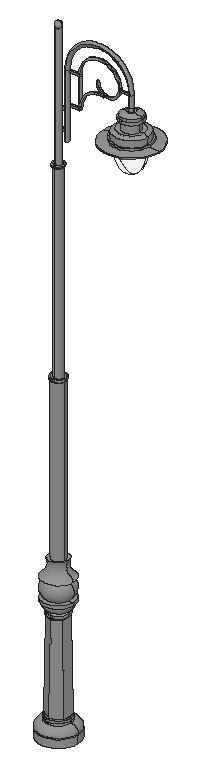
Revit family "svetilnik_alfresco_elegant-1-8_i_1-10", category Lighting Fixtures, Revit 2016 (continued)
Definition of nested family "Элегант"
  Types (2, lengths in mm): name | Photometric Web File | built-in parameter 1150105 | Lumens | built-in parameter 1150106 | built-in parameter 1150142 | Wattage
    Элегант 80Вт | "ДСУ-01-AF Росинка2 80Вт.ies" | 3451.5 (stored number, unit not read) | 9600 lm | 34.515 (stored number, unit not read) | "IESNA:LM-63-1995\r\n[TEST] alf\r\n[MANUFAC] Alfresco\r\n[LUMCAT]  \r\n[LUMINAIRE] ДCУ-01-AF 80w Росинка2\r\n[LAMPCAT]Cree\r\n[LAMP]LED\r\n[MORE]\r\n[OTHER]\r\nTILT=NONE\r\n1 7120 1 37 181 2 2 .525 .525 0\r\n.9 1 80\r\n-90 -85 -80 -75 -70 -65 -60 -55 -50 -45 -40 -35 -30 -25 -20 -15 -10 -5 0 5 10 15 20 25 30 35 40 45 50 55 60 65 70 75 80 85 90\r\n-90 -89 -88 -87 -86 -85 -84 -83 -82 -81 -80 -79 -78 -77 -76 -75 -74 -73 -72 -71 -70 -69 -68 -67 -66 -65 -64 -63 -62 -61 -60 -59 -58 -57 -56 -55 -54 -53 -52 -51 -50 -49 -48 -47 -46 -45 -44 -43 -42 -41 -40 -39 -38 -37 -36 -35 -34 -33 -32 -31 -30 -29 -28 -27\r\n -26 -25 -24 -23 -22 -21 -20 -19 -18 -17 -16 -15 -14 -13 -12 -11 -10 -9 -8 -7 -6 -5 -4 -3 -2 -1 0 1 2 3 4 5 6 7 8 9 10 11 12 13 14 15 16 17 18 19 20 21 22 23 24 25 26 27 28 29 30 31 32 33 34 35 36 37 38 39 40 41 42 43 44 45 46 47 48 49 50 51 52 53 54 55 \r\n56 57 58 59 60 61 62 63 64 65 66 67 68 69 70 71 72 73 74 75 76 77 78 79 80 81 82 83 84 85 86 87 88 89 90\r\n61.425 60.00 58.575 54.96 51.345 51.585 51.84 49.35 46.86 49.185 51.51 50.505 49.485 51.21 52.92 53.91 54.90 56.19 57.465 59.085 60.69 61.575 62.46 62.385 62.295 61.29 60.27 58.245 56.22 54.81 53.40 52.65 51.885 52.02 52.17 54.405 56.64\r\n65.16 67.86 70.545 73.905 77.265 81.825 86.37 88.365 90.345 92.715 95.07 101.295 107.52 110.925 114.33 120.69 127.05 130.74 134.43 134.925 135.405 130.50 125.595 124.98 124.365 119.46 114.555 110.34 106.125 100.155 94.20 89.385 84.57 77.37 70.17 68.04 \r\n65.91\r\n76.815 86.745 96.69 101.535 106.365 114.105 121.845 127.485 133.125 139.50 145.86 156.18 166.485 177.045 187.59 191.55 195.495 194.16 192.84 191.73 190.605 186.645 182.685 179.265 175.83 168.42 160.995 156.015 151.035 142.47 133.89 124.92 115.95 107.775 \r\n99.60 90.54 81.48\r\n100.41 111.285 122.16 132.645 143.115 149.61 156.09 165.735 175.395 184.245 193.095 200.535 207.99 210.51 213.03 212.52 212.01 210.87 209.745 208.23 206.70 202.845 199.005 194.025 189.06 188.16 187.26 185.01 182.775 171.54 160.32 150.945 141.57 130.305 \r\n119.025 107.895 96.765\r\n123.48 133.905 144.33 158.46 172.59 183.03 193.47 203.355 213.225 218.985 224.745 225.72 226.695 225.90 225.09 226.455 227.805 227.97 228.15 227.745 227.34 221.22 215.085 210.75 206.43 202.695 198.96 192.63 186.30 184.02 181.74 170.895 160.05 148.515 \r\n136.98 124.395 111.81\r\n148.59 160.095 171.60 190.125 208.65 215.595 222.555 228.105 233.655 233.94 234.21 234.435 234.66 237.54 240.42 242.40 244.38 240.255 236.13 233.805 231.48 229.50 227.535 222.885 218.235 213.42 208.605 204.84 201.06 193.905 186.75 180.975 175.215 163.53 \r\n151.845 137.88 123.915\r\n164.505 184.095 203.70 214.965 226.23 233.79 241.35 243.45 245.55 246.675 247.815 249.06 250.32 249.81 249.30 247.575 245.85 243.615 241.38 240.72 240.045 240.87 241.71 235.83 229.965 224.25 218.535 213.03 207.525 200.235 192.96 188.76 184.56 173.715 \r\n162.885 147.36 131.835\r\n171.72 190.08 208.44 221.04 233.625 243.21 252.795 258.81 264.84 263.10 261.375 261.525 261.675 261.975 262.275 259.665 257.055 252.60 248.145 248.655 249.165 246.06 242.955 238.56 234.18 229.77 225.36 219.555 213.75 206.145 198.555 189.69 180.84 173.385 \r\n165.93 151.935 137.94\r\n173.625 192.75 211.875 227.025 242.16 255.765 269.37 272.58 275.79 272.94 270.09 269.805 269.505 267.975 266.445 263.685 260.91 257.91 254.91 254.40 253.875 252.495 251.115 246.33 241.545 235.005 228.465 224.25 220.035 209.085 198.135 191.205 184.26 \r\n174.54 164.835 151.26 137.67\r\n172.17 192.375 212.58 227.34 242.10 255.06 268.005 274.29 280.59 281.64 282.705 280.245 277.785 274.635 271.485 271.665 271.845 268.965 266.085 264.585 263.085 259.125 255.18 251.70 248.235 239.745 231.27 223.395 215.52 205.47 195.42 183.915 172.41 \r\n165.705 159.00 143.985 128.955\r\n165.645 187.965 210.285 226.305 242.34 256.035 269.73 280.38 291.03 293.10 295.17 291.825 288.48 283.17 277.86 278.805 279.75 275.73 271.71 268.47 265.245 262.26 259.26 254.745 250.23 241.725 233.22 220.20 207.195 196.395 185.595 175.185 164.775 157.26 \r\n149.745 135.42 121.08\r\n161.16 184.065 206.97 226.44 245.925 260.04 274.155 283.11 292.05 296.13 300.21 296.37 292.53 290.985 289.44 289.08 288.705 286.29 283.875 281.19 278.52 272.55 266.58 259.80 253.035 243.315 233.58 219.21 204.825 192.465 180.12 168.255 156.39 150.42 \r\n144.435 130.35 116.28\r\n151.725 175.74 199.755 220.26 240.78 261.195 281.61 294.81 308.01 305.76 303.51 305.76 307.995 305.22 302.43 304.365 306.285 305.355 304.425 299.175 293.94 285.675 277.395 268.53 259.665 242.205 224.73 214.50 204.255 189.945 175.635 162.495 149.37 141.705\r\n 134.04 121.98 109.92\r\n145.41 171.48 197.535 219.45 241.38 262.65 283.935 300.27 316.605 322.245 327.90 327.795 327.69 327.54 327.405 325.185 322.965 321.03 319.095 315.945 312.795 302.67 292.56 275.475 258.405 240.705 223.005 209.775 196.53 181.14 165.75 154.14 142.53 134.025 \r\n125.52 115.035 104.565\r\n143.88 167.385 190.905 217.065 243.225 265.83 288.42 308.685 328.95 342.285 355.635 358.965 362.295 357.09 351.885 348.345 344.805 342.33 339.84 335.22 330.585 322.305 314.025 294.21 274.41 251.88 229.35 212.46 195.57 181.32 167.085 153.18 139.275 128.715\r\n 118.155 107.925 97.68\r\n135.345 161.79 188.235 219.45 250.68 277.845 304.995 323.265 341.535 360.39 379.245 386.79 394.32 391.065 387.81 377.205 366.60 360.375 354.165 349.095 344.01 336.90 329.79 306.09 282.39 257.40 232.41 212.64 192.885 176.865 160.86 147.90 134.955 122.13 \r\n109.32 99.87 90.435\r\n123.165 153.045 182.94 217.395 251.865 282.99 314.13 338.34 362.565 384.96 407.34 421.65 435.945 428.835 421.74 404.04 386.355 380.235 374.115 366.135 358.17 344.94 331.695 311.505 291.30 267.03 242.745 218.775 194.805 176.295 157.80 142.62 127.425 \r\n115.995 104.565 95.46 86.34\r\n114.795 146.175 177.54 214.365 251.19 288.705 326.235 355.335 384.435 411.03 437.64 452.745 467.865 464.79 461.73 439.365 417.00 405.195 393.375 384.48 375.585 356.10 336.63 315.60 294.57 271.035 247.50 221.61 195.705 175.47 155.25 140.91 126.585 112.35 \r\n98.13 89.16 80.205\r\n107.67 137.97 168.255 211.74 255.225 296.34 337.455 371.805 406.155 435.405 464.67 482.055 499.455 502.05 504.645 506.475 508.29 475.41 442.53 430.425 418.32 386.82 355.305 329.73 304.14 280.545 256.965 227.925 198.90 177.045 155.19 136.68 118.185 104.025\r\n 89.865 81.735 73.605\r\n99.075 131.01 162.945 209.625 256.305 300.57 344.82 383.46 422.085 455.70 489.315 513.45 537.60 552.78 567.96 583.98 600.00 577.425 554.85 569.535 584.205 496.545 408.87 362.595 316.335 288.075 259.815 231.705 203.595 177.345 151.095 134.07 117.06 102.66 \r\n88.245 78.69 69.12\r\n91.65 122.895 154.14 203.805 253.455 302.01 350.55 391.59 432.63 469.425 506.235 541.035 575.85 625.545 675.24 753.015 830.79 819.81 808.845 779.535 750.225 635.445 520.65 433.80 346.965 304.995 263.04 234.015 204.975 178.755 152.52 130.845 109.17 95.04 \r\n80.925 72.00 63.06\r\n84.45 115.605 146.775 198.285 249.81 300.795 351.78 397.98 444.195 482.985 521.79 582.36 642.915 786.57 930.225 1040.64 1151.0551 1135.11 1119.165 1092.63 1066.08 933.615 801.165 607.68 414.18 341.565 268.95 240.99 213.015 180.795 148.575 127.98 107.385 \r\n90.315 73.245 66.00 58.74\r\n77.595 107.805 138.00 191.805 245.595 298.08 350.565 402.72 454.89 495.405 535.92 655.755 775.59 1018.485 1261.38 1356.0601 1450.725 1449.885 1449.045 1414.47 1379.88 1247.4301 1114.995 874.59 634.20 458.43 282.66 246.975 211.275 178.92 146.55 124.185 \r\n101.82 84.645 67.485 61.02 54.555\r\n71.52 100.605 129.705 184.335 238.95 295.11 351.27 404.865 458.46 512.775 567.09 814.815 1062.54 1295.265 1527.975 1643.595 1759.215 1766.9399 1774.65 1733.37 1692.075 1534.08 1376.10 1115.385 854.685 583.515 312.345 260.10 207.855 175.80 143.745 120.72 \r\n97.695 81.90 66.09 58.335 50.595\r\n66.975 94.41 121.845 174.225 226.62 286.455 346.305 402.285 458.265 534.57 610.86 954.72 1298.58 1539.375 1780.1851 1891.26 2002.335 2010.21 2018.085 1968.885 1919.6851 1772.8051 1625.91 1343.34 1060.755 716.835 372.90 288.93 204.975 172.29 139.59 116.445\r\n 93.30 77.37 61.44 53.355 45.255\r\n61.995 87.795 113.58 166.32 219.06 279.315 339.555 396.75 453.945 577.35 700.74 1093.08 1485.405 1726.275 1967.13 2081.5649 2196.00 2194.125 2192.2649 2143.02 2093.7749 1936.38 1779.00 1505.895 1232.775 859.755 486.72 345.03 203.34 170.22 137.115 113.49 \r\n89.85 74.655 59.46 50.76 42.06\r\n57.21 81.45 105.69 157.62 209.55 273.135 336.705 394.125 451.545 636.765 821.985 1210.395 1598.8051 1849.6949 2100.585 2208.4199 2316.2549 2315.25 2314.23 2269.875 2225.5349 2062.26 1899.00 1620.225 1341.45 969.03 596.625 399.45 202.29 170.73 139.185 \r\n114.645 90.09 73.71 57.315 48.495 39.675\r\n53.58 76.29 99.00 148.89 198.78 263.55 328.335 388.215 448.095 689.07 930.045 1303.83 1677.63 1940.505 2203.3799 2304.5701 2405.76 2401.0049 2396.25 2356.665 2317.0649 2157.405 1997.745 1698.96 1400.16 1037.835 675.51 440.355 205.215 171.84 138.465 113.22\r\n 87.975 71.055 54.135 45.78 37.44\r\n50.055 70.935 91.80 139.38 186.945 253.635 320.34 383.25 446.175 716.085 986.01 1356.345 1726.6949 1991.235 2255.7749 2343.7051 2431.6201 2423.25 2414.895 2384.145 2353.395 2204.7749 2056.155 1750.14 1444.11 1077.795 711.48 459.99 208.50 172.035 135.585 \r\n110.955 86.325 69.075 51.825 43.47 35.115\r\n46.59 65.565 84.555 130.335 176.13 243.30 310.485 380.355 450.24 735.045 1019.835 1395.075 1770.30 2027.52 2284.74 2356.9951 2429.2351 2421.6899 2414.145 2380.1851 2346.2251 2217.9451 2089.6499 1782.45 1475.265 1102.8149 730.38 476.565 222.75 178.71 \r\n134.67 108.87 83.055 66.33 49.59 41.115 32.625\r\n43.815 61.215 78.63 122.04 165.45 231.735 298.005 378.465 458.91 742.29 1025.67 1395.705 1765.725 2026.845 2287.98 2346.1499 2404.3201 2387.6699 2371.02 2347.74 2324.46 2205.2849 2086.125 1786.905 1487.70 1112.385 737.055 483.24 229.41 180.915 132.42 \r\n106.53 80.655 63.60 46.56 38.715 30.87\r\n41.28 57.18 73.08 113.985 154.89 220.62 286.335 375.345 464.34 729.075 993.795 1379.8051 1765.80 2011.245 2256.6899 2334.1499 2411.625 2399.2949 2386.9651 2348.8201 2310.6899 2182.9351 2055.165 1762.395 1469.625 1088.4449 707.265 472.26 237.27 183.045 \r\n128.835 104.025 79.20 61.68 44.16 36.855 29.535\r\n39.105 53.73 68.34 107.715 147.075 211.11 275.145 370.59 466.035 718.80 971.55 1346.91 1722.255 1972.74 2223.2251 2329.05 2434.8899 2445.165 2455.4399 2409.105 2362.77 2182.6201 2002.47 1725.63 1448.79 1068.0601 687.315 463.785 240.255 182.595 124.95 \r\n101.49 78.045 60.285 42.525 35.595 28.65\r\n37.20 50.565 63.945 101.565 139.185 200.775 262.365 363.93 465.51 703.71 941.895 1297.3051 1652.70 1926.84 2200.98 2366.0701 2531.175 2545.53 2559.885 2505.1499 2450.415 2248.5601 2046.72 1716.075 1385.4301 1029.03 672.63 458.01 243.405 182.805 122.205 \r\n99.045 75.90 58.455 41.01 34.32 27.63\r\n35.55 47.94 60.33 95.07 129.81 190.29 250.785 353.385 455.985 676.53 897.075 1250.6851 1604.28 1923.90 2243.52 2399.085 2554.6499 2541.8701 2529.075 2494.1851 2459.2949 2295.615 2131.9351 1745.625 1359.3149 999.285 639.27 439.17 239.07 179.115 119.16 \r\n96.345 73.53 56.52 39.51 33.075 26.625\r\n34.02 45.735 57.465 89.685 121.92 181.02 240.12 336.96 433.80 644.655 855.525 1216.02 1576.53 1946.175 2315.8049 2408.0549 2500.3049 2485.5901 2470.8899 2434.80 2398.6951 2286.7949 2174.8799 1755.165 1335.45 972.285 609.12 416.535 223.95 169.125 114.285 \r\n92.61 70.935 54.495 38.055 32.04 26.01\r\n32.715 43.755 54.78 85.17 115.545 172.56 229.56 320.265 410.97 613.17 815.37 1175.16 1534.9351 1920.405 2305.875 2351.3999 2396.925 2375.835 2354.7451 2331.5549 2308.365 2231.085 2153.8049 1743.87 1333.9351 959.175 584.415 399.075 213.72 161.985 110.25 \r\n89.79 69.315 53.49 37.665 31.38 25.095\r\n31.38 42.105 52.83 81.15 109.47 165.09 220.71 302.91 385.11 584.205 783.30 1175.76 1568.235 1901.235 2234.2351 2267.01 2299.80 2289.0449 2278.3049 2248.875 2219.46 2148.1799 2076.915 1736.46 1396.02 981.45 566.895 382.545 198.195 153.00 107.805 87.885 \r\n67.95 52.17 36.39 30.375 24.345\r\n30.15 40.425 50.70 77.655 104.625 157.53 210.45 285.765 361.08 551.46 741.855 1174.11 1606.35 1876.395 2146.4399 2185.7849 2225.145 2227.20 2229.2549 2200.95 2172.6299 2087.0249 2001.42 1703.295 1405.17 972.555 539.94 362.865 185.79 146.70 107.595 87.18 \r\n66.75 51.12 35.49 29.49 23.505\r\n29.115 38.88 48.645 74.46 100.26 151.665 203.07 273.48 343.89 522.795 701.685 1129.71 1557.72 1811.265 2064.8101 2102.5801 2140.3501 2141.55 2142.7649 2127.825 2112.885 2014.335 1915.785 1634.8199 1353.87 925.425 496.98 336.375 175.755 139.29 102.81 83.91\r\n 65.025 49.86 34.695 28.725 22.74\r\n28.095 37.575 47.04 71.43 95.805 145.05 194.31 261.795 329.295 507.03 684.78 1083.345 1481.91 1733.955 1986.00 2017.1851 2048.3701 2053.98 2059.605 2041.20 2022.8101 1941.6899 1860.5699 1580.58 1300.59 907.305 514.02 341.865 169.71 135.21 100.695 82.41 \r\n64.14 48.825 33.525 27.69 21.87\r\n27.315 36.39 45.465 68.76 92.07 138.27 184.455 249.795 315.135 501.135 687.135 1055.0551 1422.99 1653.285 1883.595 1929.9449 1976.295 1979.79 1983.30 1964.67 1946.025 1866.345 1786.65 1518.075 1249.50 894.735 539.97 351.825 163.695 130.98 98.265 80.52 \r\n62.79 47.70 32.61 26.94 21.27\r\n26.79 35.58 44.355 66.51 88.65 132.945 177.225 240.99 304.755 490.92 677.085 1038.60 1400.115 1610.49 1820.85 1869.615 1918.365 1917.375 1916.385 1904.985 1893.60 1806.495 1719.39 1474.095 1228.8149 885.48 542.16 350.385 158.61 127.68 96.735 79.11 61.485 \r\n46.845 32.205 26.52 20.835\r\n26.325 34.98 43.62 65.115 86.61 129.405 172.20 232.59 292.98 473.685 654.39 1011.66 1368.915 1561.515 1754.10 1802.40 1850.6851 1852.02 1853.34 1847.745 1842.15 1744.455 1646.76 1420.71 1194.66 850.86 507.06 331.995 156.915 125.895 94.875 78.075 61.26 \r\n46.71 32.145 26.355 20.565\r\n26.04 34.59 43.155 64.08 85.02 126.285 167.55 226.35 285.15 467.07 648.99 958.425 1267.86 1466.73 1665.60 1733.16 1800.72 1800.045 1799.355 1787.61 1775.865 1677.615 1579.365 1367.40 1155.4351 831.18 506.925 332.31 157.71 125.925 94.125 77.82 61.515 \r\n46.935 32.37 26.34 20.295\r\n25.845 34.515 43.20 63.36 83.535 123.03 162.525 221.865 281.205 455.985 630.765 931.29 1231.8149 1431.1949 1630.575 1684.6949 1738.80 1740.45 1742.115 1734.225 1726.335 1632.075 1537.8149 1311.1949 1084.575 791.955 499.335 329.10 158.865 127.50 96.135 \r\n79.125 62.115 47.355 32.595 26.31 20.025\r\n25.62 34.425 43.245 62.985 82.74 119.40 156.06 214.275 272.49 438.18 603.855 907.83 1211.8051 1389.5699 1567.35 1632.12 1696.905 1695.03 1693.155 1688.28 1683.42 1584.3149 1485.1949 1281.105 1077.015 777.615 478.20 318.225 158.25 127.77 97.29 79.68 62.055\r\n 47.22 32.40 26.085 19.77\r\n25.425 34.125 42.825 62.58 82.335 117.81 153.30 208.83 264.36 423.675 582.99 881.13 1179.255 1355.745 1532.25 1585.005 1637.745 1645.53 1653.3149 1650.105 1646.895 1553.97 1461.045 1253.925 1046.8051 755.25 463.695 309.90 156.12 126.645 97.17 79.755 \r\n62.325 47.445 32.55 26.055 19.56\r\n25.26 34.20 43.14 62.31 81.495 116.025 150.57 206.31 262.05 406.92 551.805 834.345 1116.885 1293.51 1470.15 1531.02 1591.875 1602.825 1613.76 1606.515 1599.255 1507.77 1416.285 1219.29 1022.31 737.04 451.755 304.335 156.90 127.185 97.485 80.205 62.91 \r\n47.985 33.045 26.19 19.35\r\n25.065 34.26 43.47 62.685 81.915 115.29 148.65 202.98 257.295 403.35 549.405 810.39 1071.375 1240.62 1409.88 1482.975 1556.0551 1563.825 1571.58 1563.66 1555.755 1452.345 1348.92 1158.675 968.43 703.365 438.315 296.40 154.50 126.855 99.21 81.33 63.45 \r\n48.39 33.315 26.22 19.125\r\n24.975 34.305 43.635 62.625 81.615 113.955 146.295 197.805 249.315 389.79 530.25 800.07 1069.89 1229.985 1390.08 1460.295 1530.495 1533.405 1536.3149 1531.8149 1527.30 1410.45 1293.585 1116.465 939.36 682.155 424.95 287.97 151.005 126.09 101.16 82.56 \r\n63.96 48.75 33.54 26.25 18.945\r\n24.93 34.515 44.10 62.715 81.345 113.04 144.735 194.595 244.455 379.74 515.04 778.485 1041.9301 1202.49 1363.05 1422.345 1481.625 1486.89 1492.155 1490.115 1488.09 1384.785 1281.48 1105.05 928.62 676.605 424.59 288.585 152.595 128.655 104.73 84.765 64.815\r\n 49.38 33.96 26.40 18.855\r\n24.81 34.
